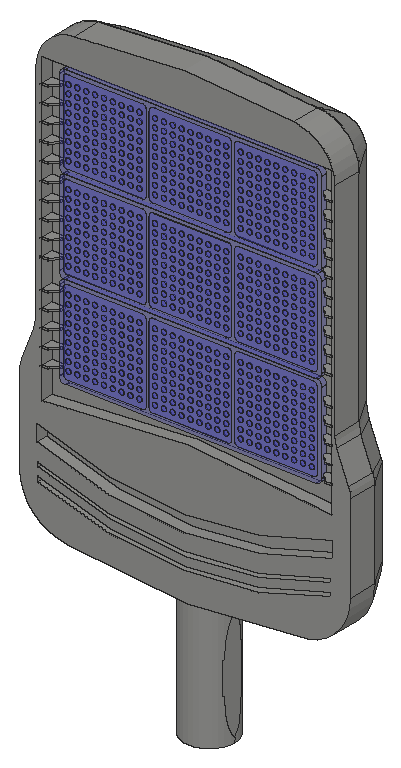
Revit family "VP-4-MAF", category Lighting Fixtures, host Face, Revit 2019 (continued)
Definition of nested family "SIZE4-MAF"
  Forms (in)
    Extrusion 49, solid, material <- "Glass"
      sketch origin (0.375, 0, -11.375) x (1, 0, 0) y (0, 0, 1)
        loop
          circle (-5.4033, 31.83694) r 0.15
        loop
          circle (-4.88455, 31.83694) r 0.15
        loop
          circle (-4.3658, 31.83694) r 0.15
        loop
          circle (-3.84705, 31.83694) r 0.15
        loop
          circle (-3.32831, 31.83694) r 0.15
        loop
          circle (-7.47829, 31.33694) r 0.15
        loop
          circle (-6.95955, 31.33694) r 0.15
        loop
          circle (-6.4408, 31.33694) r 0.15
        loop
          circle (-5.92205, 31.33694) r 0.15
        loop
          circle (-5.4033, 31.33694) r 0.15
        loop
          circle (-4.88455, 31.33694) r 0.15
        loop
          circle (-4.3658, 31.33694) r 0.15
        loop
          circle (-3.84705, 31.33694) r 0.15
        loop
          circle (-3.32831, 31.33694) r 0.15
        loop
          circle (-7.47829, 30.83694) r 0.15
        loop
          circle (-6.95955, 30.83694) r 0.15
        loop
          circle (-6.4408, 30.83694) r 0.15
        loop
          circle (-5.92205, 30.83694) r 0.15
        loop
          circle (-5.4033, 30.83694) r 0.15
        loop
          circle (-4.88455, 30.83694) r 0.15
        loop
          circle (-4.3658, 30.83694) r 0.15
        loop
          circle (-3.84705, 30.83694) r 0.15
        loop
          circle (-3.32831, 30.83694) r 0.15
        loop
          circle (-7.47829, 30.33694) r 0.15
        loop
          circle (-6.95955, 30.33694) r 0.15
        loop
          circle (-6.4408, 30.33694) r 0.15
        loop
          circle (-5.92205, 30.33694) r 0.15
        loop
          circle (-5.4033, 30.33694) r 0.15
        loop
          circle (-4.88455, 30.33694) r 0.15
        loop
          circle (-4.3658, 30.33694) r 0.15
        loop
          circle (-3.84705, 30.33694) r 0.15
        loop
          circle (-3.32831, 30.33694) r 0.15
        loop
          circle (-7.47829, 29.83694) r 0.15
        loop
          circle (-6.95955, 29.83694) r 0.15
        loop
          circle (-6.4408, 29.83694) r 0.15
        loop
          circle (-5.92205, 29.83694) r 0.15
        loop
          circle (-5.4033, 29.83694) r 0.15
        loop
          circle (-4.88455, 29.83694) r 0.15
        loop
          circle (-4.3658, 29.83694) r 0.15
        loop
          circle (-3.84705, 29.83694) r 0.15
        loop
          circle (-3.32831, 29.83694) r 0.15
        loop
          circle (-7.47829, 29.33694) r 0.15
        loop
          circle (-6.95955, 29.33694) r 0.15
        loop
          circle (-6.4408, 29.33694) r 0.15
        loop
          circle (-5.92205, 29.33694) r 0.15
        loop
          circle (-5.4033, 29.33694) r 0.15
        loop
          circle (-4.88455, 29.33694) r 0.15
        loop
          circle (-4.3658, 29.33694) r 0.15
        loop
          circle (-3.84705, 29.33694) r 0.15
        loop
          circle (-3.32831, 29.33694) r 0.15
        loop
          circle (-7.47829, 28.83694) r 0.15
        loop
          circle (-6.95955, 28.83694) r 0.15
        loop
          circle (-6.4408, 28.83694) r 0.15
        loop
          circle (-5.92205, 28.83694) r 0.15
        loop
          circle (-5.4033, 28.83694) r 0.15
        loop
          circle (-4.88455, 28.83694) r 0.15
        loop
          circle (-4.3658, 28.83694) r 0.15
        loop
          circle (-3.84705, 28.83694) r 0.15
        loop
          circle (-3.32831, 28.83694) r 0.15
        loop
          circle (-7.47829, 28.33694) r 0.15
        loop
          circle (-6.95955, 28.33694) r 0.15
        loop
          circle (-6.4408, 28.33694) r 0.15
        loop
          circle (-5.92205, 28.33694) r 0.15
        loop
          circle (-5.4033, 28.33694) r 0.15
        loop
          circle (-4.88455, 28.33694) r 0.15
        loop
          circle (-4.3658, 28.33694) r 0.15
        loop
          circle (-3.84705, 28.33694) r 0.15
        loop
          circle (-3.32831, 28.33694) r 0.15
      from 1.35 to 1.4
    Extrusion 50, solid, material <- "Glass"
      sketch origin (0, 0, -11.375) x (1, 0, 0) y (0, 0, 1)
        loop
          arc (-7.16655, 32.8409) -> (-7.34333, 32.76768) -> (-7.41655, 32.5909) r 0.25
          line (-7.41655, 32.5909) -> (-7.41655, 28.0909)
          arc (-7.41655, 28.0909) -> (-7.34333, 27.91412) -> (-7.16655, 27.8409) r 0.25
          line (-7.16655, 27.8409) -> (-2.81123, 27.8409)
          arc (-2.81123, 27.8409) -> (-2.63446, 27.91412) -> (-2.56123, 28.0909) r 0.25
          line (-2.56123, 28.0909) -> (-2.56123, 32.5909)
          arc (-2.56123, 32.5909) -> (-2.63446, 32.76768) -> (-2.81123, 32.8409) r 0.25
          line (-2.81123, 32.8409) -> (-7.16655, 32.8409)
      from 1.35 to 1.37213
    Extrusion 51, solid, material <- "Glass"
      sketch origin (-0.375, 0, -11.375) x (-1, 0, 0) y (0, 0, -1)
        loop
          circle (-7.47829, -32.33694) r 0.15
        loop
          circle (-6.95955, -32.33694) r 0.15
        loop
          circle (-6.4408, -32.33694) r 0.15
        loop
          circle (-5.92205, -32.33694) r 0.15
        loop
          circle (-5.4033, -32.33694) r 0.15
        loop
          circle (-4.88455, -32.33694) r 0.15
        loop
          circle (-4.3658, -32.33694) r 0.15
        loop
          circle (-3.84705, -32.33694) r 0.15
        loop
          circle (-3.32831, -32.33694) r 0.15
        loop
          circle (-7.47829, -31.83694) r 0.15
        loop
          circle (-6.95955, -31.83694) r 0.15
        loop
          circle (-6.4408, -31.83694) r 0.15
        loop
          circle (-5.92205, -31.83694) r 0.15
        loop
          circle (-5.4033, -31.83694) r 0.15
        loop
          circle (-4.88455, -31.83694) r 0.15
        loop
          circle (-4.3658, -31.83694) r 0.15
        loop
          circle (-3.84705, -31.83694) r 0.15
        loop
          circle (-3.32831, -31.83694) r 0.15
        loop
          circle (-7.47829, -31.33694) r 0.15
        loop
          circle (-6.95955, -31.33694) r 0.15
        loop
          circle (-6.4408, -31.33694) r 0.15
        loop
          circle (-5.92205, -31.33694) r 0.15
        loop
          circle (-5.4033, -31.33694) r 0.15
        loop
          circle (-4.88455, -31.33694) r 0.15
        loop
          circle (-4.3658, -31.33694) r 0.15
        loop
          circle (-3.84705, -31.33694) r 0.15
        loop
          circle (-3.32831, -31.33694) r 0.15
        loop
          circle (-7.47829, -30.83694) r 0.15
        loop
          circle (-6.95955, -30.83694) r 0.15
        loop
          circle (-6.4408, -30.83694) r 0.15
        loop
          circle (-5.92205, -30.83694) r 0.15
        loop
          circle (-5.4033, -30.83694) r 0.15
        loop
          circle (-4.88455, -30.83694) r 0.15
        loop
          circle (-4.3658, -30.83694) r 0.15
        loop
          circle (-3.84705, -30.83694) r 0.15
        loop
          circle (-3.32831, -30.83694) r 0.15
        loop
          circle (-7.47829, -30.33694) r 0.15
        loop
          circle (-6.95955, -30.33694) r 0.15
        loop
          circle (-6.4408, -30.33694) r 0.15
        loop
          circle (-5.92205, -30.33694) r 0.15
        loop
          circle (-5.4033, -30.33694) r 0.15
        loop
          circle (-4.88455, -30.33694) r 0.15
        loop
          circle (-4.3658, -30.33694) r 0.15
        loop
          circle (-3.84705, -30.33694) r 0.15
        loop
          circle (-3.32831, -30.33694) r 0.15
        loop
          circle (-7.47829, -29.83694) r 0.15
        loop
          circle (-6.95955, -29.83694) r 0.15
        loop
          circle (-6.4408, -29.83694) r 0.15
        loop
          circle (-5.92205, -29.83694) r 0.15
        loop
          circle (-5.4033, -29.83694) r 0.15
        loop
          circle (-4.88455, -29.83694) r 0.15
        loop
          circle (-4.3658, -29.83694) r 0.15
        loop
          circle (-3.84705, -29.83694) r 0.15
        loop
          circle (-3.32831, -29.83694) r 0.15
        loop
          circle (-7.47829, -29.33694) r 0.15
        loop
          circle (-6.95955, -29.33694) r 0.15
        loop
          circle (-6.4408, -29.33694) r 0.15
        loop
          circle (-5.92205, -29.33694) r 0.15
        loop
          circle (-5.4033, -29.33694) r 0.15
        loop
          circle (-4.88455, -29.33694) r 0.15
        loop
          circle (-4.3658, -29.33694) r 0.15
        loop
          circle (-3.84705, -29.33694) r 0.15
        loop
          circle (-3.32831, -29.33694) r 0.15
        loop
          circle (-7.47829, -28.83694) r 0.15
        loop
          circle (-6.95955, -28.83694) r 0.15
        loop
          circle (-6.4408, -28.83694) r 0.15
        loop
          circle (-5.92205, -28.83694) r 0.15
        loop
          circle (-5.4033, -28.83694) r 0.15
        loop
          circle (-4.88455, -28.83694) r 0.15
        loop
          circle (-4.3658, -28.83694) r 0.15
        loop
          circle (-3.84705, -28.83694) r 0.15
        loop
          circle (-3.32831, -28.83694) r 0.15
        loop
          circle (-7.47829, -28.33694) r 0.15
        loop
          circle (-6.95955, -28.33694) r 0.15
        loop
          circle (-6.4408, -28.33694) r 0.15
        loop
          circle (-5.92205, -28.33694) r 0.15
        loop
          circle (-5.4033, -28.33694) r 0.15
        loop
          circle (-4.88455, -28.33694) r 0.15
        loop
          circle (-4.3658, -28.33694) r 0.15
        loop
          circle (-3.84705, -28.33694) r 0.15
        loop
          circle (-3.32831, -28.33694) r 0.15
      from 1.35 to 1.4
    Extrusion 52, solid, material <- "Glass"
      sketch origin (0, 0, -11.375) x (-1, 0, 0) y (0, 0, -1)
        loop
          line (-7.16655, -32.8409) -> (-2.84181, -32.8409)
          arc (-2.84181, -32.8409) -> (-2.66504, -32.76768) -> (-2.59181, -32.5909) r 0.25
          line (-2.59181, -32.5909) -> (-2.59181, -28.0909)
          arc (-2.59181, -28.0909) -> (-2.66504, -27.91412) -> (-2.84181, -27.8409) r 0.25
          line (-2.84181, -27.8409) -> (-7.16655, -27.8409)
          arc (-7.16655, -27.8409) -> (-7.34333, -27.91412) -> (-7.41655, -28.0909) r 0.25
          line (-7.41655, -28.0909) -> (-7.41655, -32.5909)
          arc (-7.41655, -32.5909) -> (-7.34333, -32.76768) -> (-7.16655, -32.8409) r 0.25
      from 1.35 to 1.37213
    Extrusion 53, solid, material <- "Glass"
      sketch origin (-5.375, 0, -11.375) x (-1, 0, 0) y (0, 0, -1)
        loop
          circle (-7.47829, -32.33694) r 0.15
        loop
          circle (-6.95955, -32.33694) r 0.15
        loop
          circle (-6.4408, -32.33694) r 0.15
        loop
          circle (-5.92205, -32.33694) r 0.15
        loop
          circle (-5.4033, -32.33694) r 0.15
        loop
          circle (-4.88455, -32.33694) r 0.15
        loop
          circle (-4.3658, -32.33694) r 0.15
        loop
          circle (-3.84705, -32.33694) r 0.15
        loop
          circle (-3.32831, -32.33694) r 0.15
        loop
          circle (-7.47829, -31.83694) r 0.15
        loop
          circle (-6.95955, -31.83694) r 0.15
        loop
          circle (-6.4408, -31.83694) r 0.15
        loop
          circle (-5.92205, -31.83694) r 0.15
        loop
          circle (-5.4033, -31.83694) r 0.15
        loop
          circle (-4.88455, -31.83694) r 0.15
        loop
          circle (-4.3658, -31.83694) r 0.15
        loop
          circle (-3.84705, -31.83694) r 0.15
        loop
          circle (-3.32831, -31.83694) r 0.15
        loop
          circle (-7.47829, -31.33694) r 0.15
        loop
          circle (-6.95955, -31.33694) r 0.15
        loop
          circle (-6.4408, -31.33694) r 0.15
        loop
          circle (-5.92205, -31.33694) r 0.15
        loop
          circle (-5.4033, -31.33694) r 0.15
        loop
          circle (-4.88455, -31.33694) r 0.15
        loop
          circle (-4.3658, -31.33694) r 0.15
        loop
          circle (-3.84705, -31.33694) r 0.15
        loop
          circle (-3.32831, -31.33694) r 0.15
        loop
          circle (-7.47829, -30.83694) r 0.15
        loop
          circle (-6.95955, -30.83694) r 0.15
        loop
          circle (-6.4408, -30.83694) r 0.15
        loop
          circle (-5.92205, -30.83694) r 0.15
        loop
          circle (-5.4033, -30.83694) r 0.15
        loop
          circle (-4.88455, -30.83694) r 0.15
        loop
          circle (-4.3658, -30.83694) r 0.15
        loop
          circle (-3.84705, -30.83694) r 0.15
        loop
          circle (-3.32831, -30.83694) r 0.15
        loop
          circle (-7.47829, -30.33694) r 0.15
        loop
          circle (-6.95955, -30.33694) r 0.15
        loop
          circle (-6.4408, -30.33694) r 0.15
        loop
          circle (-5.92205, -30.33694) r 0.15
        loop
          circle (-5.4033, -30.33694) r 0.15
        loop
          circle (-4.88455, -30.33694) r 0.15
        loop
          circle (-4.3658, -30.33694) r 0.15
        loop
          circle (-3.84705, -30.33694) r 0.15
        loop
          circle (-3.32831, -30.33694) r 0.15
        loop
          circle (-7.47829, -29.83694) r 0.15
        loop
          circle (-6.95955, -29.83694) r 0.15
        loop
          circle (-6.4408, -29.83694) r 0.15
        loop
          circle (-5.92205, -29.83694) r 0.15
        loop
          circle (-5.4033, -29.83694) r 0.15
        loop
          circle (-4.88455, -29.83694) r 0.15
        loop
          circle (-4.3658, -29.83694) r 0.15
        loop
          circle (-3.84705, -29.83694) r 0.15
        loop
          circle (-3.32831, -29.83694) r 0.15
        loop
          circle (-7.47829, -29.33694) r 0.15
        loop
          circle (-6.95955, -29.33694) r 0.15
        loop
          circle (-6.4408, -29.33694) r 0.15
        loop
          circle (-5.92205, -29.33694) r 0.15
        loop
          circle (-5.4033, -29.33694) r 0.15
        loop
          circle (-4.88455, -29.33694) r 0.15
        loop
          circle (-4.3658, -29.33694) r 0.15
        loop
          circle (-3.84705, -29.33694) r 0.15
        loop
          circle (-3.32831, -29.33694) r 0.15
        loop
          circle (-7.47829, -28.83694) r 0.15
        loop
          circle (-6.95955, -28.83694) r 0.15
        loop
          circle (-6.4408, -28.83694) r 0.15
        loop
          circle (-5.92205, -28.83694) r 0.15
        loop
          circle (-5.4033, -28.83694) r 0.15
        loop
          circle (-4.88455, -28.83694) r 0.15
        loop
          circle (-4.3658, -28.83694) r 0.15
        loop
          circle (-3.84705, -28.83694) r 0.15
        loop
          circle (-3.32831, -28.83694) r 0.15
        loop
          circle (-7.47829, -28.33694) r 0.15
        loop
          circle (-6.95955, -28.33694) r 0.15
        loop
          circle (-6.4408, -28.33694) r 0.15
        loop
          circle (-5.92205, -28.33694) r 0.15
        loop
          circle (-5.4033, -28.33694) r 0.15
        loop
          circle (-4.88455, -28.33694) r 0.15
        loop
          circle (-4.3658, -28.33694) r 0.15
        loop
          circle (-3.84705, -28.33694) r 0.15
        loop
          circle (-3.32831, -28.33694) r 0.15
      from 1.35 to 1.4
    Extrusion 54, solid, material <- "Glass"
      sketch origin (-5, 0, -11.375) x (-1, 0, 0) y (0, 0, -1)
        loop
          line (-7.16655, -32.8409) -> (-2.84181, -32.8409)
          arc (-2.84181, -32.8409) -> (-2.66504, -32.76768) -> (-2.59181, -32.5909) r 0.25
          line (-2.59181, -32.5909) -> (-2.59181, -28.0909)
          arc (-2.59181, -28.0909) -> (-2.66504, -27.91412) -> (-2.84181, -27.8409) r 0.25
          line (-2.84181, -27.8409) -> (-7.16655, -27.8409)
          arc (-7.16655, -27.8409) -> (-7.34333, -27.91412) -> (-7.41655, -28.0909) r 0.25
          line (-7.41655, -28.0909) -> (-7.41655, -32.5909)
          arc (-7.41655, -32.5909) -> (-7.34333, -32.76768) -> (-7.16655, -32.8409) r 0.25
      from 1.35 to 1.37213
    Extrusion 55, solid, material <- "Fixture"
      sketch origin (0.125, 0, 2.5) x (1, 0, 0) y (0, 0, 1)
        loop
          arc (8.61601, 29.87811) -> (7.91353, 31.61742) -> (6.20018, 32.38102) r 2.50448
          arc (6.20018, 32.38102) -> (-0.18326, 32.81078) -> (-6.56625, 32.37421) r 47.24839
          arc (-6.56625, 32.37421) -> (-8.20342, 31.57512) -> (-8.86601, 29.87811) r 2.50448
          line (-8.86601, 29.87811) -> (-8.86601, 16.83541)
          arc (-8.86601, 16.83541) -> (-8.89448, 16.52871) -> (-8.97892, 16.2325) r 1.66606
          line (-8.97892, 16.2325) -> (-9.6766, 14.43524)
          arc (-9.6766, 14.43524) -> (-9.74427, 14.21755) -> (-9.78142, 13.99263) r 1.65645
          line (-9.78142, 13.99263) -> (-9.78142, 8.65741)
          arc (-9.78142, 8.65741) -> (-8.97209, 6.60779) -> (-6.98078, 5.66404) r 3
          arc (-6.98078, 5.66404) -> (0.01001, 4.99965) -> (7.00057, 5.66642) r 37.04471
          arc (7.00057, 5.66642) -> (8.81758, 6.67941) -> (9.53886, 8.63067) r 3
          line (9.53886, 8.63067) -> (9.53886, 13.83581)
          arc (9.53886, 13.83581) -> (9.51055, 14.14073) -> (9.4266, 14.43524) r 1.65645
          line (9.4266, 14.43524) -> (8.72892, 16.2325)
          arc (8.72892, 16.2325) -> (8.64448, 16.52871) -> (8.61601, 16.83541) r 1.66606
          line (8.61601, 16.83541) -> (8.61601, 29.87811)
      from 0 to 1.74
    Blend 56, solid, material <- "Fixture"
      base sketch origin (0, 0, 0) x (1, 0, 0) y (0, 0, 1)
        loop
          arc (-9.5516, 16.93524) -> (-9.61927, 16.71755) -> (-9.65642, 16.49263) r 1.65645
          line (-9.65642, 16.49263) -> (-9.65642, 11.15741)
          arc (-9.65642, 11.15741) -> (-8.84709, 9.10779) -> (-6.85578, 8.16404) r 3
          arc (-6.85578, 8.16404) -> (0.13501, 7.49965) -> (7.12557, 8.16642) r 37.04471
          arc (7.12557, 8.16642) -> (8.94258, 9.17941) -> (9.66386, 11.13067) r 3
          line (9.66386, 11.13067) -> (9.66386, 16.33581)
          arc (9.66386, 16.33581) -> (9.63555, 16.64073) -> (9.5516, 16.93524) r 1.65645
          line (9.5516, 16.93524) -> (8.85392, 18.7325)
          arc (8.85392, 18.7325) -> (8.76948, 19.02871) -> (8.74101, 19.33541) r 1.66606
          line (8.74101, 19.33541) -> (8.74101, 32.37811)
          arc (8.74101, 32.37811) -> (8.03853, 34.11742) -> (6.32518, 34.88102) r 2.50448
          arc (6.32518, 34.88102) -> (-0.05826, 35.31078) -> (-6.44125, 34.87421) r 47.24839
          arc (-6.44125, 34.87421) -> (-8.07842, 34.07512) -> (-8.74101, 32.37811) r 2.50448
          line (-8.74101, 32.37811) -> (-8.74101, 19.33541)
          arc (-8.74101, 19.33541) -> (-8.76948, 19.02871) -> (-8.85392, 18.7325) r 1.66606
          line (-8.85392, 18.7325) -> (-9.5516, 16.93524)
      top sketch origin (0, 0, 0) x (1, 0, 0) y (0, 0, 1)
        loop
          line (-8.65642, 16.43436) -> (-8.65642, 11.15741)
          arc (-8.65642, 11.15741) -> (-8.09764, 9.77073) -> (-6.73353, 9.1589) r 2
          arc (-6.73353, 9.1589) -> (0.1108, 8.49965) -> (6.95577, 9.15209) r 36.04471
          arc (6.95577, 9.15209) -> (8.17777, 9.82373) -> (8.66386, 11.13067) r 2
          line (8.66386, 11.13067) -> (8.66386, 16.33581)
          arc (8.66386, 16.33581) -> (8.65264, 16.45665) -> (8.61937, 16.57336) r 0.65645
          line (8.61937, 16.57336) -> (7.9217, 18.37062)
          arc (7.9217, 18.37062) -> (7.78657, 18.84463) -> (7.74101, 19.33541) r 2.66606
          line (7.74101, 19.33541) -> (7.74101, 32.37811)
          arc (7.74101, 32.37811) -> (7.3037, 33.43858) -> (6.246, 33.88256) r 1.50448
          arc (6.246, 33.88256) -> (-0.04498, 34.31079) -> (-6.33575, 33.87932) r 46.24839
          arc (-6.33575, 33.87932) -> (-7.33487, 33.40626) -> (-7.74101, 32.37811) r 1.50448
          line (-7.74101, 32.37811) -> (-7.74101, 19.33541)
          arc (-7.74101, 19.33541) -> (-7.78657, 18.84463) -> (-7.9217, 18.37062) r 2.66606
          line (-7.9217, 18.37062) -> (-8.61937, 16.57336)
          arc (-8.61937, 16.57336) -> (-8.64172, 16.50488) -> (-8.65642, 16.43436) r 0.65645
      from 0 to -1.74
    Extrusion 57, solid, material <- "Fixture"
      sketch origin (0, 0, 0) x (1, 0, 0) y (0, 1, 0)
        loop
          circle (0, 0) r 1.5
      from 0 to 8
    Extrusion 58, void
      sketch origin (0, 0, 1.25) x (1, 0, 0) y (0, 0, 1)
        loop
          arc (-1.54404, -1.4532) -> (-1.33574, 2.31764) -> (-1.54404, 6.08847) r 34.2354
          line (-1.54404, 6.08847) -> (-1.54404, -1.4532)
        loop
          line (1.54404, -1.4532) -> (1.54404, 6.08847)
          arc (1.54404, 6.08847) -> (1.33574, 2.31764) -> (1.54404, -1.4532) r 34.2354
      from -0.74694 to 0.66769
  Cuts and joins
    Extrusion 2, Extrusion 40 cuts Extrusion 55
    Extrusion 58 cuts Extrusion 57
  Dimensions and locks (in)
    equal spacing: plane 4, plane 3 "Center (Left/Right)", plane 5
    "Width": plane 4 to plane 5
    "Length": plane 7 to plane 6
    "Mount Length": plane 6 to plane 2
    aligned and locked: plane 2 to Extrusion 1
    aligned and locked: level to Extrusion 1
  Automatic sketch dimensions
    Extrusion 1 sketch curve to Extrusion 1 sketch curve = 96.00"  (x2)
    plane 5 to Extrusion 2 sketch curve = 1.40392"
    plane 3 "Center (Left/Right)" to Extrusion 2 sketch curve = 0.06506"
    Extrusion 2 sketch curve to plane 4 = 1.25"
    Extrusion 2 sketch curve to level = 39.4018"
    plane 6 to Extrusion 2 sketch curve = 7.65635"
    Extrusion 2 sketch curve to plane 7 = 2.31818"
    plane 5 to Extrusion 3 sketch curve = 2.15013"
    Extrusion 3 sketch curve to Extrusion 3 sketch curve = 0.35"  (x3)
    Extrusion 3 sketch curve to plane 4 = 2.50013"  (x2)
    Extrusion 3 sketch curve to plane 7 = 8.31818"
    Extrusion 3 sketch curve to plane 7 = 3.16818"
    plane 5 to Extrusion 4 sketch curve = 2.70671"
    Extrusion 4 sketch curve to Extrusion 4 sketch curve = 0.00"  (x61)
    Extrusion 4 sketch curve to Extrusion 4 sketch curve = 0.51875"  (x27)
    Extrusion 4 sketch curve to plane 7 = 7.51806"
    Extrusion 4 sketch curve to Extrusion 4 sketch curve = 0.50"  (x72)
    plane 5 to Extrusion 5 sketch curve = 2.39345"
    Extrusion 5 sketch curve to Extrusion 5 sketch curve = 0.25"  (x3)
    Extrusion 5 sketch curve to plane 3 "Center (Left/Right)" = 2.81123"  (x2)
    Extrusion 5 sketch curve to plane 7 = 8.0141"
    Extrusion 5 sketch curve to plane 7 = 3.2641"
    Extrusion 6 sketch curve to plane 4 = 2.12307"
    Extrusion 6 sketch curve to plane 8 = 0.46661"
    Extrusion 6 sketch curve to Extrusion 6 sketch curve = 0.02618"
    Extrusion 6 sketch curve to Extrusion 6 sketch curve = 0.1119"
    Extrusion 6 sketch curve to plane 8 = 0.03691"
    Extrusion 6 sketch curve to Extrusion 6 sketch curve = 0.36056"
    Extrusion 6 sketch curve to plane 8 = 0.00781"
    Extrusion 6 sketch curve to Extrusion 6 sketch curve = 0.06241"
    Extrusion 6 sketch curve to Extrusion 6 sketch curve = 0.42393"
    Extrusion 6 sketch curve to Extrusion 6 sketch curve = 0.73219"
    plane 4 to Extrusion 7 sketch curve = 2.70671"
    Extrusion 7 sketch curve to Extrusion 7 sketch curve = 0.00"  (x61)
    Extrusion 7 sketch curve to Extrusion 7 sketch curve = 0.51875"  (x27)
    plane 7 to Extrusion 7 sketch curve = 7.51806"
    Extrusion 7 sketch curve to Extrusion 7 sketch curve = 0.50"  (x72)
    plane 4 to Extrusion 8 sketch curve = 2.39345"
    Extrusion 8 sketch curve to Extrusion 8 sketch curve = 0.25"  (x3)
    Extrusion 8 sketch curve to plane 3 "Center (Left/Right)" = 2.84181"  (x2)
    plane 7 to Extrusion 8 sketch curve = 8.0141"
    plane 7 to Extrusion 8 sketch curve = 3.2641"
    plane 5 to Extrusion 9 sketch curve = 2.15013"
    Extrusion 9 sketch curve to Extrusion 9 sketch curve = 0.35"  (x3)
    Extrusion 9 sketch curve to plane 4 = 2.50013"  (x2)
    Extrusion 9 sketch curve to plane 7 = 13.81818"
    Extrusion 9 sketch curve to Extrusion 9 sketch curve = 4.80"
    Extrusion 10 sketch curve to plane 5 = 2.15013"
    Extrusion 10 sketch curve to Extrusion 10 sketch curve = 0.35"  (x3)
    plane 4 to Extrusion 10 sketch curve = 2.50013"  (x2)
    plane 7 to Extrusion 10 sketch curve = 13.81818"
    Extrusion 10 sketch curve to Extrusion 10 sketch curve = 4.80"
    Extrusion 11 sketch curve to plane 4 = 2.12307"
    Extrusion 11 sketch curve to plane 8 = 0.46661"
    Extrusion 11 sketch curve to Extrusion 11 sketch curve = 0.02618"
    Extrusion 11 sketch curve to Extrusion 11 sketch curve = 0.1119"
    Extrusion 11 sketch curve to plane 8 = 0.03691"
    Extrusion 11 sketch curve to Extrusion 11 sketch curve = 0.36056"
    Extrusion 11 sketch curve to plane 8 = 0.00781"
    Extrusion 11 sketch curve to Extrusion 11 sketch curve = 0.06241"
    Extrusion 11 sketch curve to Extrusion 11 sketch curve = 0.42393"
    Extrusion 11 sketch curve to Extrusion 11 sketch curve = 0.73219"
    Extrusion 12 sketch curve to plane 4 = 2.12307"
    Extrusion 12 sketch curve to plane 8 = 0.46661"
    Extrusion 12 sketch curve to Extrusion 12 sketch curve = 0.02618"
    Extrusion 12 sketch curve to Extrusion 12 sketch curve = 0.1119"
    Extrusion 12 sketch curve to plane 8 = 0.03691"
    Extrusion 12 sketch curve to Extrusion 12 sketch curve = 0.36056"
    Extrusion 12 sketch curve to plane 8 = 0.00781"
    Extrusion 12 sketch curve to Extrusion 12 sketch curve = 0.06241"
    Extrusion 12 sketch curve to Extrusion 12 sketch curve = 0.42393"
    Extrusion 12 sketch curve to Extrusion 12 sketch curve = 0.73219"
    Extrusion 13 sketch curve to plane 4 = 2.12307"
    Extrusion 13 sketch curve to plane 8 = 0.46661"
    Extrusion 13 sketch curve to Extrusion 13 sketch curve = 0.02618"
    Extrusion 13 sketch curve to Extrusion 13 sketch curve = 0.08572"
    Extrusion 13 sketch curve to plane 8 = 0.03691"
    Extrusion 13 sketch curve to Extrusion 13 sketch curve = 0.36056"
    Extrusion 13 sketch curve to plane 8 = 0.00781"
    Extrusion 13 sketch curve to Extrusion 13 sketch curve = 0.06241"
    Extrusion 13 sketch curve to Extrusion 13 sketch curve = 0.42393"
    Extrusion 13 sketch curve to Extrusion 13 sketch curve = 0.73219"
    Extrusion 14 sketch curve to plane 4 = 2.12307"
    Extrusion 14 sketch curve to plane 8 = 0.46661"
    Extrusion 14 sketch curve to Extrusion 14 sketch curve = 0.02618"
    Extrusion 14 sketch curve to Extrusion 14 sketch curve = 0.1119"
    Extrusion 14 sketch curve to plane 8 = 0.03691"
    Extrusion 14 sketch curve to Extrusion 14 sketch curve = 0.36056"
    Extrusion 14 sketch curve to plane 8 = 0.00781"
    Extrusion 14 sketch curve to Extrusion 14 sketch curve = 0.06241"
    Extrusion 14 sketch curve to Extrusion 14 sketch curve = 0.42393"
    Extrusion 14 sketch curve to Extrusion 14 sketch curve = 0.73219"
    Extrusion 15 sketch curve to plane 4 = 2.12307"
    Extrusion 15 sketch curve to plane 8 = 0.46661"
    Extrusion 15 sketch curve to Extrusion 15 sketch curve = 0.02618"
    Extrusion 15 sketch curve to Extrusion 15 sketch curve = 0.1119"
    Extrusion 15 sketch curve to plane 8 = 0.03691"
    Extrusion 15 sketch curve to Extrusion 15 sketch curve = 0.36056"
    Extrusion 15 sketch curve to plane 8 = 0.00781"
    Extrusion 15 sketch curve to Extrusion 15 sketch curve = 0.06241"
    Extrusion 15 sketch curve to Extrusion 15 sketch curve = 0.42393"
    Extrusion 15 sketch curve to Extrusion 15 sketch curve = 0.73219"
    Extrusion 16 sketch curve to plane 4 = 2.12307"
    Extrusion 16 sketch curve to plane 8 = 0.46661"
    Extrusion 16 sketch curve to Extrusion 16 sketch curve = 0.02618"
    Extrusion 16 sketch curve to Extrusion 16 sketch curve = 0.1119"
    Extrusion 16 sketch curve to plane 8 = 0.03691"
    Extrusion 16 sketch curve to Extrusion 16 sketch curve = 0.36056"
    Extrusion 16 sketch curve to plane 8 = 0.00781"
    Extrusion 16 sketch curve to Extrusion 16 sketch curve = 0.06241"
    Extrusion 16 sketch curve to Extrusion 16 sketch curve = 0.42393"
    Extrusion 16 sketch curve to Extrusion 16 sketch curve = 0.73219"
    Extrusion 17 sketch curve to plane 4 = 2.12307"
    Extrusion 17 sketch curve to plane 8 = 0.46661"
    Extrusion 17 sketch curve to Extrusion 17 sketch curve = 0.02618"
    Extrusion 17 sketch curve to Extrusion 17 sketch curve = 0.1119"
    Extrusion 17 sketch curve to plane 8 = 0.03691"
    Extrusion 17 sketch curve to Extrusion 17 sketch curve = 0.36056"
    Extrusion 17 sketch curve to plane 8 = 0.00781"
    Extrusion 17 sketch curve to Extrusion 17 sketch curve = 0.06241"
    Extrusion 17 sketch curve to Extrusion 17 sketch curve = 0.42393"
    Extrusion 17 sketch curve to Extrusion 17 sketch curve = 0.73219"
    Extrusion 18 sketch curve to plane 4 = 2.12307"
    Extrusion 18 sketch curve to plane 8 = 0.46661"
    Extrusion 18 sketch curve to Extrusion 18 sketch curve = 0.02618"
    Extrusion 18 sketch curve to Extrusion 18 sketch curve = 0.1119"
    Extrusion 18 sketch curve to plane 8 = 0.03691"
    Extrusion 18 sketch curve to Extrusion 18 sketch curve = 0.36056"
    Extrusion 18 sketch curve to plane 8 = 0.00781"
    Extrusion 18 sketch curve to Extrusion 18 sketch curve = 0.06241"
    Extrusion 18 sketch curve to Extrusion 18 sketch curve = 0.42393"
    Extrusion 18 sketch curve to Extrusion 18 sketch curve = 0.73219"
    Extrusion 19 sketch curve to plane 4 = 2.12307"
    Extrusion 19 sketch curve to plane 8 = 0.46661"
    Extrusion 19 sketch curve to Extrusion 19 sketch curve = 0.02618"
    Extrusion 19 sketch curve to Extrusion 19 sketch curve = 0.1119"
    Extrusion 19 sketch curve to plane 8 = 0.03691"
    Extrusion 19 sketch curve to Extrusion 19 sketch curve = 0.36056"
    Extrusion 19 sketch curve to plane 8 = 0.00781"
    Extrusion 19 sketch curve to Extrusion 19 sketch curve = 0.06241"
    Extrusion 19 sketch curve to Extrusion 19 sketch curve = 0.42393"
    Extrusion 19 sketch curve to Extrusion 19 sketch curve = 0.73219"
    Extrusion 20 sketch curve to plane 4 = 2.12307"
    Extrusion 20 sketch curve to plane 8 = 0.46661"
    Extrusion 20 sketch curve to Extrusion 20 sketch curve = 0.02618"
    Extrusion 20 sketch curve to Extrusion 20 sketch curve = 0.1119"
    Extrusion 20 sketch curve to plane 8 = 0.03691"
    Extrusion 20 sketch curve to Extrusion 20 sketch curve = 0.36056"
    Extrusion 20 sketch curve to plane 8 = 0.00781"
    Extrusion 20 sketch curve to Extrusion 20 sketch curve = 0.06241"
    Extrusion 20 sketch curve to Extrusion 20 sketch curve = 0.42393"
    Extrusion 20 sketch curve to Extrusion 20 sketch curve = 0.73219"
    Extrusion 21 sketch curve to plane 4 = 2.12307"
    Extrusion 21 sketch curve to plane 8 = 0.46661"
    Extrusion 21 sketch curve to Extrusion 21 sketch curve = 0.02618"
    Extrusion 21 sketch curve to Extrusion 21 sketch curve = 0.08572"
    Extrusion 21 sketch curve to plane 8 = 0.03691"
    Extrusion 21 sketch curve to Extrusion 21 sketch curve = 0.36056"
    Extrusion 21 sketch curve to plane 8 = 0.00781"
    Extrusion 21 sketch curve to Extrusion 21 sketch curve = 0.06241"
    Extrusion 21 sketch curve to Extrusion 21 sketch curve = 0.42393"
    Extrusion 21 sketch curve to Extrusion 21 sketch curve = 0.73219"
    Extrusion 22 sketch curve to plane 4 = 2.12307"
    Extrusion 22 sketch curve to plane 8 = 0.46661"
    Extrusion 22 sketch curve to Extrusion 22 sketch curve = 0.02618"
    Extrusion 22 sketch curve to Extrusion 22 sketch curve = 0.1119"
    Extrusion 22 sketch curve to plane 8 = 0.03691"
    Extrusion 22 sketch curve to Extrusion 22 sketch curve = 0.36056"
    Extrusion 22 sketch curve to plane 8 = 0.00781"
    Extrusion 22 sketch curve to Extrusion 22 sketch curve = 0.06241"
    Extrusion 22 sketch curve to Extrusion 22 sketch curve = 0.42393"
    Extrusion 22 sketch curve to Extrusion 22 sketch curve = 0.73219"
    Extrusion 23 sketch curve to plane 4 = 2.12307"
    Extrusion 23 sketch curve to plane 8 = 0.46661"
    Extrusion 23 sketch curve to Extrusion 23 sketch curve = 0.02618"
    Extrusion 23 sketch curve to Extrusion 23 sketch curve = 0.08572"
    Extrusion 23 sketch curve to plane 8 = 0.03691"
    Extrusion 23 sketch curve to Extrusion 23 sketch curve = 0.36056"
    Extrusion 23 sketch curve to plane 8 = 0.00781"
    Extrusion 23 sketch curve to Extrusion 23 sketch curve = 0.06241"
    Extrusion 23 sketch curve to Extrusion 23 sketch curve = 0.42393"
    Extrusion 23 sketch curve to Extrusion 23 sketch curve = 0.73219"
    Extrusion 24 sketch curve to plane 4 = 2.12307"
    Extrusion 24 sketch curve to plane 8 = 0.46661"
    Extrusion 24 sketch curve to Extrusion 24 sketch curve = 0.02618"
    Extrusion 24 sketch curve to Extrusion 24 sketch curve = 0.1119"
    Extrusion 24 sketch curve to plane 8 = 0.03691"
    Extrusion 24 sketch curve to Extrusion 24 sketch curve = 0.36056"
    Extrusion 24 sketch curve to plane 8 = 0.00781"
    Extrusion 24 sketch curve to Extrusion 24 sketch curve = 0.06241"
    Extrusion 24 sketch curve to Extrusion 24 sketch curve = 0.42393"
    Extrusion 24 sketch curve to Extrusion 24 sketch curve = 0.73219"
    plane 5 to Extrusion 25 sketch curve = 2.2012"
    Extrusion 25 sketch curve to plane 8 = 0.46661"
    Extrusion 25 sketch curve to Extrusion 25 sketch curve = 0.02618"
    Extrusion 25 sketch curve to Extrusion 25 sketch curve = 0.1119"
    Extrusion 25 sketch curve to plane 8 = 0.03691"
    Extrusion 25 sketch curve to Extrusion 25 sketch curve = 0.36056"
    Extrusion 25 sketch curve to plane 8 = 0.00781"
    Extrusion 25 sketch curve to Extrusion 25 sketch curve = 0.06241"
    Extrusion 25 sketch curve to Extrusion 25 sketch curve = 0.42393"
    Extrusion 25 sketch curve to Extrusion 25 sketch curve = 0.20146"
    plane 5 to Extrusion 26 sketch curve = 2.2012"
    Extrusion 26 sketch curve to plane 8 = 0.46661"
    Extrusion 26 sketch curve to Extrusion 26 sketch curve = 0.02618"
    Extrusion 26 sketch curve to Extrusion 26 sketch curve = 0.08572"
    Extrusion 26 sketch curve to plane 8 = 0.03691"
    Extrusion 26 sketch curve to Extrusion 26 sketch curve = 0.36056"
    Extrusion 26 sketch curve to plane 8 = 0.00781"
    Extrusion 26 sketch curve to Extrusion 26 sketch curve = 0.06241"
    Extrusion 26 sketch curve to Extrusion 26 sketch curve = 0.42393"
    Extrusion 26 sketch curve to Extrusion 26 sketch curve = 0.20146"
    plane 5 to Extrusion 27 sketch curve = 2.2012"
    Extrusion 27 sketch curve to plane 8 = 0.46661"
    Extrusion 27 sketch curve to Extrusion 27 sketch curve = 0.02618"
    Extrusion 27 sketch curve to Extrusion 27 sketch curve = 0.08572"
    Extrusion 27 sketch curve to plane 8 = 0.03691"
    Extrusion 27 sketch curve to Extrusion 27 sketch curve = 0.36056"
    Extrusion 27 sketch curve to plane 8 = 0.00781"
    Extrusion 27 sketch curve to Extrusion 27 sketch curve = 0.06241"
    Extrusion 27 sketch curve to Extrusion 27 sketch curve = 0.42393"
    Extrusion 27 sketch curve to Extrusion 27 sketch curve = 0.20146"
    plane 5 to Extrusion 28 sketch curve = 2.2012"
    Extrusion 28 sketch curve to plane 8 = 0.46661"
    Extrusion 28 sketch curve to Extrusion 28 sketch curve = 0.02618"
    Extrusion 28 sketch curve to Extrusion 28 sketch curve = 0.1119"
    Extrusion 28 sketch curve to plane 8 = 0.03691"
    Extrusion 28 sketch curve to Extrusion 28 sketch curve = 0.36056"
    Extrusion 28 sketch curve to plane 8 = 0.00781"
    Extrusion 28 sketch curve to Extrusion 28 sketch curve = 0.06241"
    Extrusion 28 sketch curve to Extrusion 28 sketch curve = 0.42393"
    Extrusion 28 sketch curve to Extrusion 28 sketch curve = 0.20146"
    plane 5 to Extrusion 29 sketch curve = 2.2012"
    Extrusion 29 sketch curve to plane 8 = 0.46661"
    Extrusion 29 sketch curve to Extrusion 29 sketch curve = 0.02618"
    Extrusion 29 sketch curve to Extrusion 29 sketch curve = 0.1119"
    Extrusion 29 sketch curve to plane 8 = 0.03691"
    Extrusion 29 sketch curve to Extrusion 29 sketch curve = 0.36056"
    Extrusion 29 sketch curve to plane 8 = 0.00781"
    Extrusion 29 sketch curve to Extrusion 29 sketch curve = 0.06241"
    Extrusion 29 sketch curve to Extrusion 29 sketch curve = 0.42393"
    Extrusion 29 sketch curve to Extrusion 29 sketch curve = 0.20146"
    plane 5 to Extrusion 30 sketch curve = 2.2012"
    Extrusion 30 sketch curve to plane 8 = 0.46661"
    Extrusion 30 sketch curve to Extrusion 30 sketch curve = 0.02618"
    Extrusion 30 sketch curve to Extrusion 30 sketch curve = 0.1119"
    Extrusion 30 sketch curve to plane 8 = 0.03691"
    Extrusion 30 sketch curve to Extrusion 30 sketch curve = 0.36056"
    Extrusion 30 sketch curve to plane 8 = 0.00781"
    Extrusion 30 sketch curve to Extrusion 30 sketch curve = 0.06241"
    Extrusion 30 sketch curve to Extrusion 30 sketch curve = 0.42393"
    Extrusion 30 sketch curve to Extrusion 30 sketch curve = 0.20146"
    plane 5 to Extrusion 31 sketch curve = 2.2012"
    Extrusion 31 sketch curve to plane 8 = 0.46661"
    Extrusion 31 sketch curve to Extrusion 31 sketch curve = 0.02618"
    Extrusion 31 sketch curve to Extrusion 31 sketch curve = 0.1119"
    Extrusion 31 sketch curve to plane 8 = 0.03691"
    Extrusion 31 sketch curve to Extrusion 31 sketch curve = 0.36056"
    Extrusion 31 sketch curve to plane 8 = 0.00781"
    Extrusion 31 sketch curve to Extrusion 31 sketch curve = 0.06241"
    Extrusion 31 sketch curve to Extrusion 31 sketch curve = 0.42393"
    Extrusion 31 sketch curve to Extrusion 31 sketch curve = 0.20146"
    plane 5 to Extrusion 32 sketch curve = 2.2012"
    Extrusion 32 sketch curve to plane 8 = 0.46661"
    Extrusion 32 sketch curve to Extrusion 32 sketch curve = 0.02618"
    Extrusion 32 sketch curve to Extrusion 32 sketch curve = 0.08572"
    Extrusion 32 sketch curve to plane 8 = 0.03691"
    Extrusion 32 sketch curve to Extrusion 32 sketch curve = 0.36056"
    Extrusion 32 sketch curve to plane 8 = 0.00781"
    Extrusion 32 sketch curve to Extrusion 32 sketch curve = 0.06241"
    Extrusion 32 sketch curve to Extrusion 32 sketch curve = 0.42393"
    Extrusion 32 sketch curve to Extrusion 32 sketch curve = 0.20146"
    plane 5 to Extrusion 33 sketch curve = 2.2012"
    Extrusion 33 sketch curve to plane 8 = 0.46661"
    Extrusion 33 sketch curve to Extrusion 33 sketch curve = 0.02618"
    Extrusion 33 sketch curve to Extrusion 33 sketch curve = 0.1119"
    Extrusion 33 sketch curve to plane 8 = 0.03691"
    Extrusion 33 sketch curve to Extrusion 33 sketch curve = 0.36056"
    Extrusion 33 sketch curve to plane 8 = 0.00781"
    Extrusion 33 sketch curve to Extrusion 33 sketch curve = 0.06241"
    Extrusion 33 sketch curve to Extrusion 33 sketch curve = 0.42393"
    Extrusion 33 sketch curve to Extrusion 33 sketch curve = 0.20146"
    plane 5 to Extrusion 34 sketch curve = 2.2012"
    Extrusion 34 sketch curve to plane 8 = 0.46661"
    Extrusion 34 sketch curve to Extrusion 34 sketch curve = 0.02618"
    Extrusion 34 sketch curve to Extrusion 34 sketch curve = 0.08572"
    Extrusion 34 sketch curve to plane 8 = 0.03691"
    Extrusion 34 sketch curve to Extrusion 34 sketch curve = 0.36056"
    Extrusion 34 sketch curve to plane 8 = 0.00781"
    Extrusion 34 sketch curve to Extrusion 34 sketch curve = 0.06241"
    Extrusion 34 sketch curve to Extrusion 34 sketch curve = 0.42393"
    Extrusion 34 sketch curve to Extrusion 34 sketch curve = 0.20146"
    plane 5 to Extrusion 35 sketch curve = 2.2012"
    Extrusion 35 sketch curve to plane 8 = 0.46661"
    Extrusion 35 sketch curve to Extrusion 35 sketch curve = 0.02618"
    Extrusion 35 sketch curve to Extrusion 35 sketch curve = 0.1119"
    Extrusion 35 sketch curve to plane 8 = 0.03691"
    Extrusion 35 sketch curve to Extrusion 35 sketch curve = 0.36056"
    Extrusion 35 sketch curve to plane 8 = 0.00781"
    Extrusion 35 sketch curve to Extrusion 35 sketch curve = 0.06241"
    Extrusion 35 sketch curve to Extrusion 35 sketch curve = 0.42393"
    Extrusion 35 sketch curve to Extrusion 35 sketch curve = 0.20146"
    plane 5 to Extrusion 36 sketch curve = 2.2012"
    Extrusion 36 sketch curve to plane 8 = 0.46661"
    Extrusion 36 sketch curve to Extrusion 36 sketch curve = 0.02618"
    Extrusion 36 sketch curve to Extrusion 36 sketch curve = 0.1119"
    Extrusion 36 sketch curve to plane 8 = 0.03691"
    Extrusion 36 sketch curve to Extrusion 36 sketch curve = 0.36056"
    Extrusion 36 sketch curve to plane 8 = 0.00781"
    Extrusion 36 sketch curve to Extrusion 36 sketch curve = 0.06241"
    Extrusion 36 sketch curve to Extrusion 36 sketch curve = 0.42393"
    Extrusion 36 sketch curve to Extrusion 36 sketch curve = 0.20146"
    plane 5 to Extrusion 37 sketch curve = 2.2012"
    Extrusion 37 sketch curve to plane 8 = 0.46661"
    Extrusion 37 sketch curve to Extrusion 37 sketch curve = 0.02618"
    Extrusion 37 sketch curve to Extrusion 37 sketch curve = 0.1119"
    Extrusion 37 sketch curve to plane 8 = 0.03691"
    Extrusion 37 sketch curve to Extrusion 37 sketch curve = 0.36056"
    Extrusion 37 sketch curve to plane 8 = 0.00781"
    Extrusion 37 sketch curve to Extrusion 37 sketch curve = 0.06241"
    Extrusion 37 sketch curve to Extrusion 37 sketch curve = 0.42393"
    Extrusion 37 sketch curve to Extrusion 37 sketch curve = 0.20146"
    plane 5 to Extrusion 38 sketch curve = 2.2012"
    Extrusion 38 sketch curve to plane 8 = 0.46661"
    Extrusion 38 sketch curve to Extrusion 38 sketch curve = 0.02618"
    Extrusion 38 sketch curve to Extrusion 38 sketch curve = 0.08572"
    Extrusion 38 sketch curve to plane 8 = 0.03691"
    Extrusion 38 sketch curve to Extrusion 38 sketch curve = 0.36056"
    Extrusion 38 sketch curve to plane 8 = 0.00781"
    Extrusion 38 sketch curve to Extrusion 38 sketch curve = 0.06241"
    Extrusion 38 sketch curve to Extrusion 38 sketch curve = 0.42393"
    Extrusion 38 sketch curve to Extrusion 38 sketch curve = 0.20146"
    plane 5 to Extrusion 39 sketch curve = 2.2012"
    Extrusion 39 sketch curve to plane 8 = 0.46661"
    Extrusion 39 sketch curve to Extrusion 39 sketch curve = 0.02618"
    Extrusion 39 sketch curve to Extrusion 39 sketch curve = 0.1119"
    Extrusion 39 sketch curve to plane 8 = 0.03691"
    Extrusion 39 sketch curve to Extrusion 39 sketch curve = 0.36056"
    Extrusion 39 sketch curve to plane 8 = 0.00781"
    Extrusion 39 sketch curve to Extrusion 39 sketch curve = 0.06241"
    Extrusion 39 sketch curve to Extrusion 39 sketch curve = 0.42393"
    Extrusion 39 sketch curve to Extrusion 39 sketch curve = 0.20146"
    plane 5 to Extrusion 40 sketch curve = 1.10793"
    plane 5 to Extrusion 40 sketch curve = 1.19965"
    Extrusion 40 sketch curve to Extrusion 40 sketch curve = 0.00"  (x2)
    Extrusion 40 sketch curve to plane 3 "Center (Left/Right)" = 0.00354"  (x6)
    Extrusion 40 sketch curve to plane 4 = 1.32465"
    Extrusion 40 sketch curve to plane 4 = 1.24"
    plane 6 to Extrusion 40 sketch curve = 3.30595"
    level to Extrusion 40 sketch curve = 10.85354"
    Extrusion 40 sketch curve to Extrusion 40 sketch curve = 0.27147"  (x2)
    Extrusion 40 sketch curve to Extrusion 40 sketch curve = 0.27118"  (x2)
    Extrusion 40 sketch curve to Extrusion 40 sketch curve = 0.47853"
    Extrusion 40 sketch curve to Extrusion 40 sketch curve = 0.47882"
    Extrusion 40 sketch curve to Extrusion 40 sketch curve = 1.01281"
    Extrusion 40 sketch curve to Extrusion 40 sketch curve = 1.01649"
    Extrusion 40 sketch curve to Extrusion 40 sketch curve = 1.00"  (x2)
    Extrusion 41 sketch curve to plane 3 "Center (Left/Right)" = 2.10329"
    Extrusion 41 sketch curve to Extrusion 41 sketch curve = 0.00"  (x51)
    Extrusion 41 sketch curve to Extrusion 41 sketch curve = 0.51875"  (x19)
    Extrusion 41 sketch curve to plane 3 "Center (Left/Right)" = 0.0283"  (x9)
    plane 3 "Center (Left/Right)" to Extrusion 41 sketch curve = 0.49045"  (x9)
    plane 7 to Extrusion 41 sketch curve = 7.51806"
    Extrusion 41 sketch curve to Extrusion 41 sketch curve = 0.50"  (x72)
    Extrusion 42 sketch curve to plane 3 "Center (Left/Right)" = 2.41655"
    Extrusion 42 sketch curve to Extrusion 42 sketch curve = 0.25"  (x3)
    plane 3 "Center (Left/Right)" to Extrusion 42 sketch curve = 2.15819"  (x2)
    plane 7 to Extrusion 42 sketch curve = 8.0141"
    plane 7 to Extrusion 42 sketch curve = 3.2641"
    plane 5 to Extrusion 43 sketch curve = 2.70671"
    Extrusion 43 sketch curve to Extrusion 43 sketch curve = 0.00"  (x61)
    Extrusion 43 sketch curve to Extrusion 43 sketch curve = 0.51875"  (x27)
    Extrusion 43 sketch curve to plane 7 = 13.01806"
    Extrusion 43 sketch curve to Extrusion 43 sketch curve = 0.50"  (x72)
    plane 5 to Extrusion 44 sketch curve = 2.39345"
    Extrusion 44 sketch curve to Extrusion 44 sketch curve = 0.25"  (x3)
    Extrusion 44 sketch curve to plane 3 "Center (Left/Right)" = 2.81123"  (x2)
    Extrusion 44 sketch curve to plane 7 = 13.5141"
    Extrusion 44 sketch curve to Extrusion 44 sketch curve = 4.50"
    plane 4 to Extrusion 45 sketch curve = 2.70671"
    Extrusion 45 sketch curve to Extrusion 45 sketch curve = 0.00"  (x61)
    Extrusion 45 sketch curve to Extrusion 45 sketch curve = 0.51875"  (x27)
    plane 7 to Extrusion 45 sketch curve = 13.01806"
    Extrusion 45 sketch curve to Extrusion 45 sketch curve = 0.50"  (x72)
    plane 4 to Extrusion 46 sketch curve = 2.39345"
    Extrusion 46 sketch curve to Extrusion 46 sketch curve = 0.25"  (x3)
    Extrusion 46 sketch curve to plane 3 "Center (Left/Right)" = 2.84181"  (x2)
    plane 7 to Extrusion 46 sketch curve = 13.5141"
    Extrusion 46 sketch curve to Extrusion 46 sketch curve = 4.50"
    Extrusion 47 sketch curve to plane 3 "Center (Left/Right)" = 2.10329"
    Extrusion 47 sketch curve to Extrusion 47 sketch curve = 0.00"  (x51)
    Extrusion 47 sketch curve to Extrusion 47 sketch curve = 0.51875"  (x19)
    Extrusion 47 sketch curve to plane 3 "Center (Left/Right)" = 0.0283"  (x9)
    plane 3 "Center (Left/Right)" to Extrusion 47 sketch curve = 0.49045"  (x9)
    plane 7 to Extrusion 47 sketch curve = 13.01806"
    Extrusion 47 sketch curve to Extrusion 47 sketch curve = 0.50"  (x72)
    Extrusion 48 sketch curve to plane 3 "Center (Left/Right)" = 2.41655"
    Extrusion 48 sketch curve to Extrusion 48 sketch curve = 0.25"  (x3)
    plane 3 "Center (Left/Right)" to Extrusion 48 sketch curve = 2.15819"  (x2)
    plane 7 to Extrusion 48 sketch curve = 13.5141"
    Extrusion 48 sketch curve to Extrusion 48 sketch curve = 4.50"
    plane 5 to Extrusion 49 sketch curve = 2.70671"
    Extrusion 49 sketch curve to Extrusion 49 sketch curve = 0.00"  (x61)
    Extrusion 49 sketch curve to Extrusion 49 sketch curve = 0.51875"  (x27)
    plane 6 to Extrusion 49 sketch curve = 9.46194"
    Extrusion 49 sketch curve to Extrusion 49 sketch curve = 0.50"  (x72)
    plane 5 to Extrusion 50 sketch curve = 2.39345"
    Extrusion 50 sketch curve to Extrusion 50 sketch curve = 0.25"  (x3)
    Extrusion 50 sketch curve to plane 3 "Center (Left/Right)" = 2.81123"  (x2)
    plane 6 to Extrusion 50 sketch curve = 8.9659"
    Extrusion 50 sketch curve to Extrusion 50 sketch curve = 4.50"
    plane 4 to Extrusion 51 sketch curve = 2.70671"
    Extrusion 51 sketch curve to Extrusion 51 sketch curve = 0.00"  (x61)
    Extrusion 51 sketch curve to Extrusion 51 sketch curve = 0.51875"  (x27)
    Extrusion 51 sketch curve to plane 6 = 9.46194"
    Extrusion 51 sketch curve to Extrusion 51 sketch curve = 0.50"  (x72)
    plane 4 to Extrusion 52 sketch curve = 2.39345"
    Extrusion 52 sketch curve to Extrusion 52 sketch curve = 0.25"  (x3)
    Extrusion 52 sketch curve to plane 3 "Center (Left/Right)" = 2.84181"  (x2)
    Extrusion 52 sketch curve to plane 6 = 8.9659"
    Extrusion 52 sketch curve to Extrusion 52 sketch curve = 4.50"
    Extrusion 53 sketch curve to plane 3 "Center (Left/Right)" = 2.10329"
    Extrusion 53 sketch curve to Extrusion 53 sketch curve = 0.00"  (x51)
    Extrusion 53 sketch curve to Extrusion 53 sketch curve = 0.51875"  (x19)
    Extrusion 53 sketch curve to plane 3 "Center (Left/Right)" = 0.0283"  (x9)
    plane 3 "Center (Left/Right)" to Extrusion 53 sketch curve = 0.49045"  (x9)
    Extrusion 53 sketch curve to plane 6 = 9.46194"
    Extrusion 53 sketch curve to Extrusion 53 sketch curve = 0.50"  (x72)
    Extrusion 54 sketch curve to plane 3 "Center (Left/Right)" = 2.41655"
    Extrusion 54 sketch curve to Extrusion 54 sketch curve = 0.25"  (x3)
    plane 3 "Center (Left/Right)" to Extrusion 54 sketch curve = 2.15819"  (x2)
    Extrusion 54 sketch curve to plane 6 = 8.9659"
    Extrusion 54 sketch curve to Extrusion 54 sketch curve = 4.50"
    Extrusion 55 sketch curve to plane 5 = 0.59706"
    plane 5 to Extrusion 55 sketch curve = 0.2584"
    plane 5 to Extrusion 55 sketch curve = 0.95608"
    plane 5 to Extrusion 55 sketch curve = 1.06899"
    Extrusion 55 sketch curve to Extrusion 55 sketch curve = 1.54418"
    plane 5 to Extrusion 55 sketch curve = 3.15358"
    Extrusion 55 sketch curve to Extrusion 55 sketch curve = 2.50448"
    Extrusion 55 sketch curve to plane 3 "Center (Left/Right)" = 0.03305"
    plane 3 "Center (Left/Right)" to Extrusion 55 sketch curve = 0.12872"
    Extrusion 55 sketch curve to plane 4 = 3.57348"
    Extrusion 55 sketch curve to plane 4 = 3.14614"
    Extrusion 55 sketch curve to plane 4 = 1.80258"
    Extrusion 55 sketch curve to plane 4 = 1.06899"
    Extrusion 55 sketch curve to Extrusion 55 sketch curve = 0.11292"
    Extrusion 55 sketch curve to plane 4 = 0.2584"
    Extrusion 55 sketch curve to plane 4 = 0.14614"
    plane 4 to Extrusion 55 sketch curve = 0.59706"
    Extrusion 55 sketch curve to level = 11.9376"
    plane 6 to Extrusion 55 sketch curve = 3.63067"
    plane 6 to Extrusion 55 sketch curve = 3.65741"
    Extrusion 55 sketch curve to Extrusion 55 sketch curve = 5.17839"
    Extrusion 55 sketch curve to Extrusion 55 sketch curve = 5.20513"
    Extrusion 55 sketch curve to Extrusion 55 sketch curve = 0.44261"
    Extrusion 55 sketch curve to Extrusion 55 sketch curve = 1.79726"  (x2)
    Extrusion 55 sketch curve to plane 7 = 3.10189"
    Extrusion 55 sketch curve to Extrusion 55 sketch curve = 13.0427"
    plane 7 to Extrusion 55 sketch curve = 9.06436"
    plane 5 to Extrusion 55 sketch curve = 0.15358"
    plane 6 to Extrusion 55 sketch curve = 0.66404"
    Extrusion 55 sketch curve to plane 7 = 0.60579"
    Blend 56 sketch curve to plane 5 = 0.59706"  (x2)
    plane 5 to Blend 56 sketch curve = 0.15358"
    plane 5 to Blend 56 sketch curve = 0.2584"
    plane 5 to Blend 56 sketch curve = 0.95608"
    Blend 56 sketch curve to Blend 56 sketch curve = 0.11292"  (x2)
    Blend 56 sketch curve to Blend 56 sketch curve = 1.64901"
    Blend 56 sketch curve to Blend 56 sketch curve = 3.00"
    Blend 56 sketch curve to Blend 56 sketch curve = 2.50448"
    Blend 56 sketch curve to plane 3 "Center (Left/Right)" = 0.03305"  (x2)
    plane 3 "Center (Left/Right)" to Blend 56 sketch curve = 0.12872"  (x2)
    Blend 56 sketch curve to plane 4 = 3.57348"  (x2)
    Blend 56 sketch curve to plane 4 = 3.14614"  (x2)
    Blend 56 sketch curve to plane 4 = 1.80258"  (x2)
    Blend 56 sketch curve to plane 4 = 1.06899"
    Blend 56 sketch curve to plane 4 = 0.2584"
    Blend 56 sketch curve to plane 4 = 0.14614"
    plane 4 to Blend 56 sketch curve = 0.59706"  (x2)
    Blend 56 sketch curve to level = 11.9376"  (x2)
    plane 6 to Blend 56 sketch curve = 3.63067"  (x2)
    level to Blend 56 sketch curve = 11.15741"  (x2)
    Blend 56 sketch curve to Blend 56 sketch curve = 5.17839"  (x2)
    Blend 56 sketch curve to Blend 56 sketch curve = 5.20513"  (x2)
    Blend 56 sketch curve to Blend 56 sketch curve = 0.15682"
    Blend 56 sketch curve to Blend 56 sketch curve = 1.79726"  (x4)
    Blend 56 sketch curve to plane 7 = 3.10189"  (x2)
    Blend 56 sketch curve to Blend 56 sketch curve = 0.00"  (x2)
    plane 7 to Blend 56 sketch curve = 9.06436"  (x2)
    plane 6 to Blend 56 sketch curve = 0.66404"
    Blend 56 sketch curve to plane 7 = 0.60579"
    plane 5 to Blend 56 sketch curve = 1.15358"
    Blend 56 sketch curve to Blend 56 sketch curve = 0.03705"
    Blend 56 sketch curve to Blend 56 sketch curve = 0.64901"
    plane 5 to Blend 56 sketch curve = 1.8883"
    plane 5 to Blend 56 sketch curve = 2.06899"
    Blend 56 sketch curve to Blend 56 sketch curve = 2.00"
    Blend 56 sketch curve to Blend 56 sketch curve = 1.50448"
    Blend 56 sketch curve to plane 4 = 2.06899"
    Blend 56 sketch curve to Blend 56 sketch curve = 0.18069"
    Blend 56 sketch curve to Blend 56 sketch curve = 0.61196"
    Blend 56 sketch curve to plane 4 = 1.14614"
    Blend 56 sketch curve to Blend 56 sketch curve = 0.09855"
    Blend 56 sketch curve to Blend 56 sketch curve = 0.0771"
    Blend 56 sketch curve to Blend 56 sketch curve = 0.09922"
    plane 1 "Center (Front/Back)" to Extrusion 57 sketch curve = 0.00"
    Extrusion 57 sketch curve to plane 3 "Center (Left/Right)" = 0.00"
    level to Extrusion 58 sketch curve = 3.56764"  (x2)
    Extrusion 58 sketch curve to plane 5 = 25.76114"
    Extrusion 58 sketch curve to plane 6 = 0.16153"
    Extrusion 58 sketch curve to plane 3 "Center (Left/Right)" = 1.54404"
    Extrusion 58 sketch curve to level = 0.2032"
    plane 3 "Center (Left/Right)" to Extrusion 58 sketch curve = 1.54404"
    plane 4 to Extrusion 58 sketch curve = 25.76114"
    radius of Extrusion 4 sketch curve = 0.15"  (x81)
    radius of Extrusion 7 sketch curve = 0.15"  (x81)
    radius of Extrusion 41 sketch curve = 0.15"  (x81)
    radius of Extrusion 43 sketch curve = 0.15"  (x81)
    radius of Extrusion 45 sketch curve = 0.15"  (x81)
    radius of Extrusion 47 sketch curve = 0.15"  (x81)
    radius of Extrusion 49 sketch curve = 0.15"  (x81)
    radius of Extrusion 51 sketch curve = 0.15"  (x81)
    radius of Extrusion 53 sketch curve = 0.15"  (x81)
    radius of Extrusion 57 sketch curve = 1.50"
